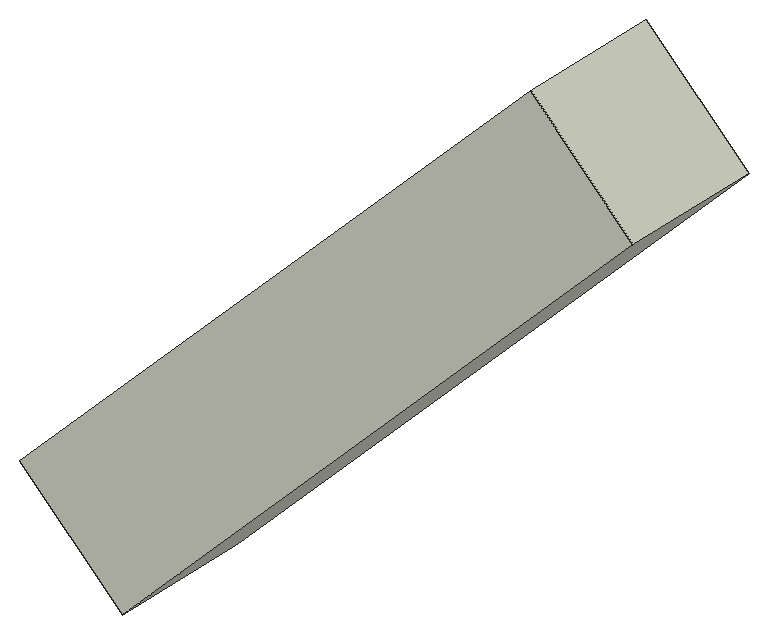
Revit family "グレーチング_角形鋼管(正方形)", category Generic Models, Revit 2023
Family settings
  Can host rebar = No
  Round Connector Dimension = Use Diameter
  Part Type = Normal
  Work Plane-Based = Yes
  Always vertical = No
  Cut with Voids When Loaded = No
  Maintain Annotation Orientation = No
  Shared = No
  Room Calculation Point = No
Parameters (values of type "100 x 100")
  高さ = 100 mm
  長辺 [instance] = 長さ  # 500 mm
  長さ [instance] = 500 mm
  部屋名 = ""
  角度 [instance] = 45.00°
  Default Elevation = 1219.2 mm
  構造マテリアル = E614_グレーチング
  幅 = 100 mm
Types (14, lengths in mm): name | 高さ | 幅
  100 x 100 | 100 | 100
  125 x 125 | 125 | 125
  150 x 150 | 150 | 150
  175 x 175 | 175 | 175
  200 x 200 | 200 | 200
  250 x 250 | 250 | 250
  300 x 300 | 300 | 300
  350 x 350 | 350 | 350
  40 x 40 | 40 | 40
  50 x 50 | 50 | 50
  60 x 60 | 60 | 60
  75 x 75 | 75 | 75
  80 x 80 | 80 | 80
  90 x 90 | 90 | 90
Reference planes
  plane 1 "中心(正面/背面)": y = 0
  plane 2: z = 0
  plane 3 "中心(左/右)": x = 0
Lines and regions (mm)
  reference lines
    curve 1: line (0, 0, 0) -> (806.102, 0, 806.102)
    curve 2: line (35.355, 0, -35.355) -> (-35.355, 0, 35.355)
    curve 3: line (388.909, 0, 318.198) -> (318.198, 0, 388.909)
Dimensions and locks
  equal spacing: curve 2, curve 1, curve 2
  "高さ": curve 2 to curve 2
  equal spacing: curve 3, curve 1, curve 3
  "高さ": curve 3 to curve 3
  "長さ": curve 2 to curve 3
  "角度": angle level to curve 1
  angle curve 2 to curve 1 = 90.00°
  angle curve 3 to curve 1 = 90.00°
  aligned and locked: level to plane 2
  aligned and locked: level to curve 1
  aligned and locked: plane 3 "中心(左/右)" to curve 1
  aligned and locked: curve 1 to nested 1
Nested families
  nested 1: "グレーチング_角形鋼管(正方形)" at (-35.355, 0, 35.355) x (0, 1, 0) z (0.7071, 0, -0.7071), 長さ <- "長さ", type "350 x 350"
    with 長辺 500 mm, 長さ 500 mm, 高さ 100 mm, 幅 100 mm
Definition of nested family "グレーチング_角形鋼管(正方形)"
  Parameters (values of type "350 x 350")
    高さ = 350 mm
    長辺 [instance] = 長さ  # 1000 mm
    長さ [instance] = 1000 mm
    部屋名 = ""
    Default Elevation = 1219.2 mm
    構造マテリアル = none
    幅 = 350 mm
  Reference planes
    plane 1 "中心(正面/背面)": y = 0
    plane 2: z = 0
    plane 3 "中心(左/右)": x = 0
    plane 4: z = 175
    plane 5: z = 350
  Forms (mm)
    Extrusion 1, solid, material <- "構造マテリアル"
      sketch origin (0, 0, 0) x (1, 0, 0) y (0, 1, 0)
        loop
          line (-175, 1000) -> (-175, 0) -> (175, 0) -> (175, 1000) -> (-175, 1000)
      from 0 to 350
  Lines and regions (mm)
    reference lines
      curve 1: line (175, 1000, 0) -> (-175, 1000, 0)
      curve 2: line (175, 0, 0) -> (-175, 0, 0)
  Dimensions and locks
    "長さ": curve 1 to curve 2
    "幅": Extrusion 1 to Extrusion 1
    equal spacing: Extrusion 1, plane 3 "中心(左/右)", Extrusion 1
    "幅": curve 1 to curve 1
    equal spacing: curve 1, plane 3 "中心(左/右)", curve 1
    "幅": curve 2 to curve 2
    equal spacing: curve 2, plane 3 "中心(左/右)", curve 2
    equal spacing: plane 5, plane 4, level
    "高さ": plane 5 to level
    aligned and locked: level to plane 2
    aligned and locked: Extrusion 1 to curve 2
    aligned and locked: curve 1 to Extrusion 1
    aligned and locked: plane 5 to Extrusion 1
  Automatic sketch dimensions
    Extrusion 1 sketch curve to plane 3 "中心(左/右)" = 175 mm
    plane 3 "中心(左/右)" to Extrusion 1 sketch curve = 175 mm
    plane 1 "中心(正面/背面)" to Extrusion 1 sketch curve = 0 mm
    Extrusion 1 sketch curve to plane 1 "中心(正面/背面)" = 1000 mm
    plane 1 "中心(正面/背面)" to curve 2 = 0 mm
